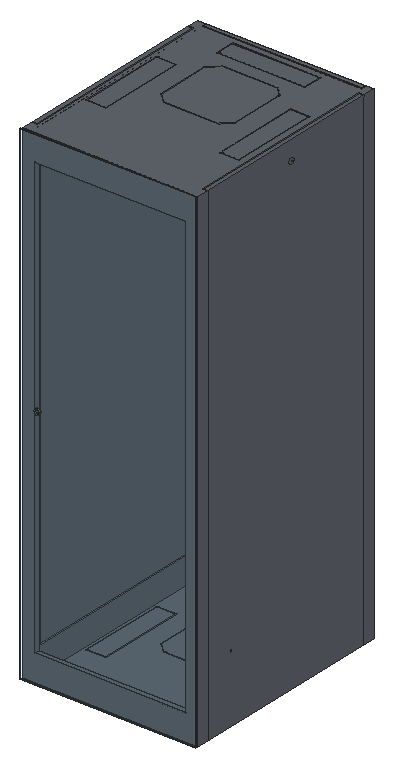
Revit family "Armario Linkeo con única puerta anchura 800", category Equipement spécialisé, Revit 2020
Family settings
  Cote de connecteur circulaire = Utiliser le diamètre
  Type d'élément = Normal
  Numéro OmniClass = 23.85.05.17.11.14
  Titre OmniClass = Multimedia Broadcasting Equipment
  Basée sur le plan de construction = Non
  Toujours verticalement = Oui
  Couper avec des vides une fois chargée = Non
  Partagée = Oui
  Point de calcul de pièce = Non
Parameters (values of type "Armario Linkeo2 47U 800x1000")
  Ubicación del rack = 93.00 mm
  Tratamiento de superficie = "Recubrimiento con polvo"
  Tipo de ventilación = "Ninguna"
  Tipo de montaje = "Frontal"
  Temperatura operativa = "-25°C à 70°C"
  Temperatura de almacenamiento = "-25°C à 70°C"
  Tamaño modular = "19 pulgadas"
  Sistema de cierre de la puerta frontal = "Un punto"
  Profundidad del modelo (mm) = 1000.00 mm
  Profundidad = 1030.00 mm
  Número de puertas = "1"
  Número de pieza Legrand = "646774"
  Numero RAL = "7016"
  Módulos de altura = 47
  Máxima capacidad de carga = "400"
  Modelo de anchura = 800.00 mm
  Modelo = "Estructura fija"
  Material de la puerta frontal = vidrio
  Material = "Acero"
  Tipo de patas niveladoras = "Patas niveladoras  800X1000"
  Tipo de perfiles verticales = "Perfiles verticales para armarios Linkeo  47U"
  Tipo de perfiles horizontales = "Perfiles horizontales para armarios Linkeo  47U profundidad 1000"
  Simbolo de la puerta = "Simbolo de la puerta  Puerta 800mm"
  Función = "Armario Linkeo2"
  Formulación BIM = "Armario Linkeo2 47U 800x1000"
  Fabricant = "Legrand"  # constant formula
  Elévation par défaut = 0.00 mm
  EAN = "3414971001657"
  E-catalogo enlace = "https://www.legrand.fr/reference/646774/pro"
  Distancia de la apertura 2 = 298.00 mm
  Distancia de la apertura 1 = 457.00 mm
  Con techo en chapa = yes
  Con puerta frontal = yes
  Con conexión a tierra = yes
  Color = gris
  Clase de protección IP = "IP20"
  Clase de protección IK = "IK08"
  Clase de aplicación = "EC002499"
  Anchura útil (mm) = 890.00 mm
  Anchura (mm) = 810.00 mm
  Altura útil (mm) = 2008.00 mm
  Altura = 2248.00 mm
  Acabado del carril de perfil = "Acodado"
Types (7, lengths in mm): name | Profundidad del modelo (mm) | Profundidad | Número de pieza Legrand | Módulos de altura | Tipo de patas niveladoras | Tipo de perfiles verticales | Tipo de perfiles horizontales | Formulación BIM | EAN | E-catalogo enlace | Distancia de la apertura 2 | Distancia de la apertura 1 | Anchura útil (mm) | Altura útil (mm) | Altura
  Armario Linkeo2 24U 800x800 | 800.00 | 830.00 | "646751" | 24 | "Patas niveladoras  800X800" | "Perfiles verticales para armarios Linkeo  24U" | "Perfiles horizontales para armarios Linkeo  24U profundidad 800" | "Armario Linkeo2 24U 800x800" | "3414971001510" | "https://www.legrand.fr/reference/646751/pro" | 198.00 | 257.00 | 690.00 | 1081.00 | 1226.00
  Armario Linkeo2 33U 800x800 | 800.00 | 830.00 | "646756" | 33 | "Patas niveladoras  800X800" | "Perfiles verticales para armarios Linkeo  33U" | "Perfiles horizontales para armarios Linkeo  33U profundidad 800" | "Armario Linkeo2 33U 800x800" | "3414971001534" | "https://www.legrand.fr/reference/646756/pro" | 198.00 | 257.00 | 690.00 | 1386.00 | 1626.00
  Armario Linkeo2 42U 800x600 | 600.00 | 630.00 | "646763" | 42 | "Patas niveladoras  800X600" | "Perfiles verticales para armarios Linkeo  42U" | "Perfiles horizontales para armarios Linkeo  42U profundidad 600" | "Armario Linkeo2 42U 800x600" | "3414971001572" | "https://www.legrand.fr/reference/646763/pro" | 98.00 | 57.00 | 490.00 | 1786.00 | 2026.00
  Armario Linkeo2 42U 800x800 | 800.00 | 830.00 | "646764" | 42 | "Patas niveladoras  800X800" | "Perfiles verticales para armarios Linkeo  42U" | "Perfiles horizontales para armarios Linkeo  42U profundidad 800" | "Armario Linkeo2 42U 800x800" | "3414971001589" | "https://www.legrand.fr/reference/646764/pro" | 198.00 | 257.00 | 690.00 | 1786.00 | 2026.00
  Armario Linkeo2 42U 800x1000 | 1000.00 | 1030.00 | "646765" | 42 | "Patas niveladoras  800X1000" | "Perfiles verticales para armarios Linkeo  42U" | "Perfiles horizontales para armarios Linkeo  42U profundidad 1000" | "Armario Linkeo2 42U 800x1000" | "3414971001596" | "https://www.legrand.fr/reference/646765/pro" | 298.00 | 457.00 | 890.00 | 1881.00 | 2026.00
  Armario Linkeo2 47U 800x800 | 800.00 | 830.00 | "646773" | 47 | "Patas niveladoras  800X800" | "Perfiles verticales para armarios Linkeo  47U" | "Perfiles horizontales para armarios Linkeo  47U profundidad 800" | "Armario Linkeo2 47U 800x800" | "3414971001640" | "https://www.legrand.fr/reference/646773/pro" | 198.00 | 257.00 | 690.00 | 2008.00 | 2248.00
  Armario Linkeo2 47U 800x1000 | 1000.00 | 1030.00 | "646774" | 47 | "Patas niveladoras  800X1000" | "Perfiles verticales para armarios Linkeo  47U" | "Perfiles horizontales para armarios Linkeo  47U profundidad 1000" | "Armario Linkeo2 47U 800x1000" | "3414971001657" | "https://www.legrand.fr/reference/646774/pro" | 298.00 | 457.00 | 890.00 | 2008.00 | 2248.00
Reference planes
  plane 1 "Centre (avant/arrière)": y = 106
  plane 2: z = 0
  plane 3: x = -100
  plane 4: x = 700
  plane 5: z = 2248
  plane 6: y = -894
  plane 7: x = -45
  plane 8: x = 645
  plane 9: x = 300
  plane 10: z = 2128
  plane 11: z = 120
  plane 12: z = 1124
  plane 13: y = -892
  plane 14: x = 300
  plane 15: y = -444.5
  plane 16: y = 455.094
  plane 17: x = 1428.928
  plane 18: z = -485.313
  plane 19: x = 2466.566
  plane 20: z = 1124
  plane 21: x = 300
  plane 22: x = 500
  plane 23: x = 100
  plane 24: x = 300
  plane 25: y = -801
  plane 26: x = 525
  plane 27: y = -799.5
  plane 28: x = 556.5
  plane 29: x = 558
  plane 30: y = -760.5
  plane 31: y = -759
  plane 32: x = 534.5
  plane 33: x = 536
  plane 34: z = 80
  plane 35: z = 89.5
  plane 36: x = 528.5
  plane 37: x = 538
  plane 38: z = 111.75
  plane 39: z = 121.25
  plane 40: y = -742.5
  plane 41: y = -752
  plane 42: z = 105.38
  plane 43: z = 95.88
  plane 44: x = 77
  plane 45: x = 67.5
  plane 46: x = 66
  plane 47: z = 125
  plane 48: z = 2213
  plane 49: z = 1124
  plane 50: y = -894
  plane 51: y = 66
  plane 52: z = 35
  plane 53: y = -601
  plane 54 "Panneaux gauche": y = -797.5
  plane 55 "Panneaux droit": y = 62.5
  plane 56 "Panneaux haut": z = 2211
  plane 57: z = 2163
  plane 58: z = 2163
  plane 59: y = -367.5
  plane 60: x = 175
  plane 61: x = 425
  plane 62: y = 54
  plane 63: y = -36
  plane 64: x = 98
  plane 65: x = 502
  plane 66: x = 131
  plane 67: y = -344.658
  plane 68: x = 469
  plane 69: y = -6.658
  plane 70: x = 133.5
  plane 71: y = -9.158
  plane 72: y = -342.158
  plane 73: x = 466.5
  plane 74: y = -50.658
  plane 75: y = -300.158
  plane 76: through (150.891, -321.084, 1200) normal (-0.7071, -0.7071, 0)
  plane 77: through (440.304, -329.89, 1200) normal (-0.7071, 0.7071, 0)
  plane 78: through (446.349, -26.971, 1200) normal (-0.7071, -0.7071, 0)
  plane 79: through (445.75, -29.908, 1200) normal (-0.7071, -0.7071, 0)
  plane 80: through (150.227, -316.885, 1200) normal (-0.7071, -0.7071, 0)
  plane 81: through (445.5, -321.158, 1200) normal (-0.7071, 0.7071, 0)
  plane 82: x = 100.5
  plane 83: y = 91.5
  plane 84: y = 7.5
  plane 85: x = 499.5
  plane 86: x = 131
  plane 87: y = -437
  plane 88: x = 469
  plane 89: y = -99
  plane 90: x = 133.5
  plane 91: y = -101.5
  plane 92: y = -434.5
  plane 93: x = 466.5
  plane 94: y = -143
  plane 95: y = -392.5
  plane 96: through (150.891, -413.426, 577) normal (-0.7071, -0.7071, 0)
  plane 97: through (440.304, -422.232, 577) normal (-0.7071, 0.7071, 0)
  plane 98: through (446.349, -119.313, 577) normal (-0.7071, -0.7071, 0)
  plane 99: through (445.75, -122.25, 577) normal (-0.7071, -0.7071, 0)
  plane 100: through (150.227, -409.227, 577) normal (-0.7071, -0.7071, 0)
  plane 101: through (445.5, -413.5, 577) normal (-0.7071, 0.7071, 0)
  plane 102: x = -49
  plane 103: x = 41
  plane 104: y = -192
  plane 105: y = -596
  plane 106: y = -194.5
  plane 107: x = -46.5
  plane 108: x = 559
  plane 109: x = 649
  plane 110: through (113.028, -163.472, 1200) normal (-0.7071, 0.7071, 0)
  plane 111: through (194.144, -78.82, 1200) normal (0.7071, -0.7071, 0)
  plane 112: through (113.028, -71.13, 1823) normal (-0.7071, 0.7071, 0)
  plane 113: through (194.144, 13.522, 1823) normal (0.7071, -0.7071, 0)
  plane 114: x = 175.5
  plane 115: through (175.5, -434.5, 1200) normal (-0.7071, -0.7071, 0)
  plane 116: x = 424.5
  plane 117: through (424.5, -434.5, 1200) normal (-0.7071, 0.7071, 0)
  plane 118: through (133.5, -143, 1200) normal (-0.7071, 0.7071, 0)
  plane 119: through (425, -101.5, 1200) normal (0.7071, 0.7071, 0)
  plane 120: x = 175.5
  plane 121: through (175.5, -342.158, 1823) normal (-0.7071, -0.7071, 0)
  plane 122: x = 424.5
  plane 123: through (424.5, -342.158, 1823) normal (-0.7071, 0.7071, 0)
  plane 124: through (133.5, -50.658, 1823) normal (-0.7071, 0.7071, 0)
  plane 125: through (425, -9.158, 1823) normal (0.7071, 0.7071, 0)
  plane 126: y = -801
  plane 127: z = 124.45
  plane 128: x = 42
  plane 129: y = -593.5
  plane 130: x = 100.5
  plane 131: x = 100.5
  plane 132: x = 100.5
  plane 133: x = 561.5
  plane 134: z = 2180
  plane 135: y = -394
  plane 136: y = 84.5
  plane 137: y = -872.5
  plane 138: x = 41
  plane 139: x = 559
  plane 140: x = 300
  plane 141: z = 4781
  plane 142: z = 2180
  plane 143: y = -694
  plane 144: z = 72
  plane 145: z = 2176
  plane 146: y = 82.5
  plane 147: y = -870.5
  plane 148: x = 38.5
  plane 149: x = 646.5
  plane 150: x = 678.5
  plane 151: x = -78.5
  plane 152: z = 2128
  plane 153: z = 120
  plane 154: z = 1124
  plane 155: y = -394
  plane 156: y = 51
  plane 157: y = -839
  plane 158: x = -63.5
  plane 159: x = 663.5
  plane 160: y = 84.5
  plane 161: y = -294
  plane 162: y = -909
  plane 163: y = -904
  plane 164: y = -394
Forms (mm)
  Extrusion 1, solid, material "gris" <- "Color"
    sketch origin (-100, 0, 0) x (0, 1, 0) y (0, 0, 1)
      loop
        line (-894, 0) -> (106, 0) -> (106, 2248) -> (-894, 2248) -> (-894, 0)
    from 0 to 800
  Extrusion 2, void
    sketch origin (-250, 82.5, 1200) x (1, 0, 0) y (0, 0, 1)
      loop
        line (185, 1046) -> (185, -1198) -> (915, -1198) -> (915, 1046) -> (185, 1046)
    from 0 to 953
  Extrusion 3, void
    sketch origin (0, 106, 0) x (1, 0, 0) y (0, 0, 1)
      loop
        line (-45, 2128) -> (-45, 120) -> (645, 120) -> (645, 2128) -> (-45, 2128)
    from 0 to 1000
  Extrusion 4, solid, material "gris"
    sketch origin (-658.117, -909, 652.471) x (1, 0, 0) y (0, 0, 1)
      loop
        circle (638.746, 471.529) r 12
    from 0 to 5
  Extrusion 5, void
    sketch origin (-657.497, -914, 652.306) x (-1, 0, 0) y (0, 0, 1)
      loop
        line (-631.856, 476.03) -> (-633.789, 477.963) -> (-644.395, 467.357) -> (-642.463, 465.424) -> (-631.856, 476.03)
    from 0 to 2
  Extrusion 6, solid, material "gris", not visible
    sketch origin (50.552, -709, -159.029) x (1, 0, 0) y (0, 0, 1)
      loop
        circle (638.746, 471.529) r 12
    from 0 to 5
  Extrusion 7, void, not visible
    sketch origin (51.172, -714, -159.194) x (-1, 0, 0) y (0, 0, 1)
      loop
        line (-631.856, 476.03) -> (-633.789, 477.963) -> (-644.395, 467.357) -> (-642.463, 465.424) -> (-631.856, 476.03)
    from 0 to 2
  Extrusion 8, solid, material "gris" <- "Color", not visible
    sketch origin (-100, 47, -855.959) x (0, -1, 0) y (0, 0, 1)
      loop
        circle (154, 1149) r 12
    from 0 to 4
  Extrusion 9, void, not visible
    sketch origin (-104, 531.38, -177.686) x (0, 1, 0) y (0, 0, 1)
      loop
        line (-631.856, 476.03) -> (-633.789, 477.963) -> (-644.395, 467.357) -> (-642.463, 465.424) -> (-631.856, 476.03)
    from 0 to 2
  Extrusion 10, solid, material "gris" <- "Color"
    sketch origin (-100, -213.5, 1014) x (0, -1, 0) y (0, 0, 1)
      loop
        circle (154, 1149) r 12
    from 0 to 4
  Extrusion 11, void
    sketch origin (-104, 270.88, 1692.273) x (0, 1, 0) y (0, 0, 1)
      loop
        line (-631.856, 476.03) -> (-633.789, 477.963) -> (-644.395, 467.357) -> (-642.463, 465.424) -> (-631.856, 476.03)
    from 0 to 2
  Extrusion 12, solid, material "gris" <- "Color", not visible
    sketch origin (621, -865.746, -189.529) x (0, 1, 0) y (0, 0, 1)
      loop
        circle (638.746, 471.529) r 12
    from 0 to 4
  Extrusion 13, void, not visible
    sketch origin (625, -865.126, -189.694) x (0, -1, 0) y (0, 0, 1)
      loop
        line (-631.856, 476.03) -> (-633.789, 477.963) -> (-644.395, 467.357) -> (-642.463, 465.424) -> (-631.856, 476.03)
    from 0 to 2
  Extrusion 14, void
    sketch origin (0, -23, 0) x (1, 0, 0) y (0, 1, 0)
      loop
        line (131, -118.964) -> (131, -370.536) -> (174.464, -414) -> (425.536, -414) -> (469, -370.536) -> (469, -118.964) -> (426.036, -76) -> (173.964, -76) -> (131, -118.964)
    from 2248 to 0
  Extrusion 15, void
    sketch origin (-100, -894, 0) x (0, -1, 0) y (1, 0, 0)
      loop
        line (-858, 198) -> (-858, 602) -> (-948, 602) -> (-948, 198) -> (-858, 198)
    from 0 to 2248
  Extrusion 16, solid, material "gris" <- "Color"
    sketch origin (698, 106, 2248) x (-1, 0, 0) y (0, -1, 0)
      loop
        line (597.5, 56) -> (597.5, 138.5) -> (198.5, 138.5) -> (198.5, 56) -> (597.5, 56)
    from 0 to -2
  Extrusion 17, solid, material "gris" <- "Color", not visible
    sketch origin (698, 146, 625) x (-1, 0, 0) y (0, -1, 0)
      loop
        line (597.5, 56) -> (597.5, 138.5) -> (198.5, 138.5) -> (198.5, 56) -> (597.5, 56)
    from 0 to -2
  Extrusion 18, solid, material "gris" <- "Color"
    sketch origin (698, 106, 2) x (-1, 0, 0) y (0, -1, 0)
      loop
        line (597.5, 56) -> (597.5, 138.5) -> (198.5, 138.5) -> (198.5, 56) -> (597.5, 56)
    from 0 to -2
  Extrusion 19, void
    sketch origin (0, 0, 0) x (0, 1, 0) y (1, 0, 0)
      loop
        line (-192, -49) -> (-192, 41) -> (-596, 41) -> (-596, -49) -> (-192, -49)
      loop
        line (-192, 559) -> (-192, 649) -> (-596, 649) -> (-596, 559) -> (-192, 559)
    from 0 to -2248
  Extrusion 20, solid, material "gris" <- "Color"
    sketch origin (-100, -454, 0) x (1, 0, 0) y (0, -1, 0)
      loop
        line (233.5, -311) -> (275, -352.5) -> (525, -352.5) -> (566.5, -311) -> (566.5, -61.5) -> (524.5, -19.5) -> (275.5, -19.5) -> (233.5, -61.5) -> (233.5, -311)
    from 0 to -2
  Extrusion 21, solid, material "gris" <- "Color"
    sketch origin (-100, 106, 2248) x (0, -1, 0) y (1, 0, 0)
      loop
        line (207.5, 275) -> (249, 233.5) -> (498.5, 233.5) -> (540.5, 275.5) -> (540.5, 524.5) -> (498.5, 566.5) -> (249, 566.5) -> (207.5, 525) -> (207.5, 275)
    from -2 to 0
  Extrusion 22, void
    sketch origin (0, 106, 0) x (1, 0, 0) y (0, 0, 1)
      loop
        line (649, 2176) -> (-49, 2176) -> (-49, 72) -> (649, 72) -> (649, 2176)
    from 2 to 0
  Extrusion 23, solid, material "gris" <- "Color"
    sketch origin (938.746, 106, 1689.471) x (-1, 0, 0) y (0, 0, 1)
      loop
        circle (638.746, 471.529) r 12
    from 0 to 4
  Extrusion 24, void
    sketch origin (938.126, 110, 1689.306) x (1, 0, 0) y (0, 0, 1)
      loop
        line (-631.856, 476.03) -> (-633.789, 477.963) -> (-644.395, 467.357) -> (-642.463, 465.424) -> (-631.856, 476.03)
    from 0 to 2
  Extrusion 25, solid, material "gris" <- "Color"
    sketch origin (-100, 106, 2248) x (0, -1, 0) y (1, 0, 0)
      loop
        line (699.5, 746.5) -> (300.5, 746.5) -> (300.5, 661.5) -> (699.5, 661.5) -> (699.5, 746.5)
    from 0 to -2
  Extrusion 26, solid, material "gris" <- "Color"
    sketch origin (-100, -894, 0) x (1, 0, 0) y (0, -1, 0)
      loop
        line (53.5, -699.5) -> (138.5, -699.5) -> (138.5, -300.5) -> (53.5, -300.5) -> (53.5, -699.5)
    from 0 to -2
  Extrusion 27, solid, material "gris" <- "Color"
    sketch origin (-100, -894, 0) x (1, 0, 0) y (0, -1, 0)
      loop
        line (746.5, -699.5) -> (746.5, -300.5) -> (661.5, -300.5) -> (661.5, -699.5) -> (746.5, -699.5)
    from 0 to -2
  Extrusion 28, solid, material "gris" <- "Color"
    sketch origin (700, -521.5, 1014) x (0, 1, 0) y (0, 0, 1)
      loop
        circle (154, 1149) r 12
    from 0 to 4
  Extrusion 29, void
    sketch origin (704, -1005.88, 1692.273) x (0, -1, 0) y (0, 0, 1)
      loop
        line (-631.856, 476.03) -> (-633.789, 477.963) -> (-644.395, 467.357) -> (-642.463, 465.424) -> (-631.856, 476.03)
    from 0 to 2
  Extrusion 30, void
    sketch origin (-100, 0, 0) x (0, 1, 0) y (0, 0, 1)
      loop
        line (51, 2248) -> (-839, 2248) -> (-839, 0) -> (51, 0) -> (51, 2248)
    from 0 to 21.5
  Extrusion 31, solid, material "gris" <- "Color"
    sketch origin (-100, 0, 0) x (0, 1, 0) y (0, 0, 1)
      loop
        line (51, 2248) -> (-839, 2248) -> (-839, 0) -> (51, 0) -> (51, 2248)
    from 0 to 21.5
  Extrusion 32, solid, material "gris" <- "Color"
    sketch origin (700, 0, 0) x (0, 1, 0) y (0, 0, 1)
      loop
        line (-839, 2248) -> (-839, 0) -> (51, 0) -> (51, 2248) -> (-839, 2248)
    from 0 to -21.5
  Extrusion 33, solid, material "gris" <- "Color"
    sketch origin (0, 106, 0) x (1, 0, 0) y (0, 0, 1)
      loop
        line (663.5, 2248) -> (-63.5, 2248) -> (-63.5, 0) -> (663.5, 0) -> (663.5, 2248)
    from 0 to 21.5
  Extrusion 34, solid, material "gris" <- "Color"
    sketch origin (-100, 106, 2248) x (0, -1, 0) y (1, 0, 0)
      loop
        line (300.5, 53.5) -> (699.5, 53.5) -> (699.5, 138.5) -> (300.5, 138.5) -> (300.5, 53.5)
    from 0 to -2
  Extrusion 35, void
    sketch origin (700, 0, 0) x (0, -1, 0) y (0, 0, 1)
      loop
        line (839, 2248) -> (-51, 2248) -> (-51, 0) -> (839, 0) -> (839, 2248)
    from 0 to 21.5
  Extrusion 36, void
    sketch origin (-100, 0, 0) x (0, 1, 0) y (0, 0, 1)
      loop
        line (51, 2128) -> (-839, 2128) -> (-839, 120) -> (51, 120) -> (51, 2128)
    from 0 to 800
  Extrusion 37, void
    sketch origin (-100, 106, 2248) x (1, 0, 0) y (0, -1, 0)
      loop
        line (36.5, 21.5) -> (36.5, 0) -> (763.5, 0) -> (763.5, 21.5) -> (36.5, 21.5)
    from 0 to 2248
  Extrusion 38, solid, material "vidrio" <- "Material de la puerta frontal"
    sketch origin (-100, 106, 2248) x (0, -1, 0) y (1, 0, 0)
      loop
        line (1015, 0) -> (1015, 800) -> (1010, 800) -> (1010, 0) -> (1015, 0)
    from -2248 to 4
Cuts and joins
  Extrusion 2, Extrusion 3, Extrusion 14, Extrusion 15, Extrusion 19, Extrusion 22, Extrusion 30, Extrusion 35, Extrusion 36, Extrusion 37 cuts Extrusion 1
  Extrusion 5 cuts Extrusion 4
  Extrusion 11, Extrusion 36 cuts Extrusion 10
  Extrusion 24 cuts Extrusion 23
  Extrusion 29, Extrusion 35 cuts Extrusion 28
Lines and regions (mm)
  model lines, not visible
    curve 1: line (488, 106, 1124) -> (512, 106, 1124)
    curve 2: line (-104, -119, 293.041) -> (-104, -107, 293.041)
    curve 3: line (-104, -379.5, 2163) -> (-104, -367.5, 2163)
    curve 4: line (661, -215, 282) -> (661, -227, 282)
    curve 5: line (-139, -227, 282) -> (-139, -227, 270)
    curve 6: line (-100, -354, 1889) -> (-100, -354, 1877)
    curve 7: line (-100, -93.5, 19.041) -> (-100, -93.5, 7.041)
    curve 8: line (288, 146, 2161) -> (300, 146, 2161)
    curve 9: line (300, -654, 2161) -> (300, -654, 2149)
    curve 10: line (704, -355.5, 2163) -> (704, -367.5, 2163)
    curve 11: line (700, -381, 1889) -> (700, -381, 1877)
    curve 12: line (700, -381, 1889) -> (700, -371, 1889)
    curve 13: line (-100, -93.5, 19.041) -> (-100, -103.5, 19.041)
    curve 14: line (-100, -354, 1889) -> (-100, -364, 1889)
    curve 15: line (700, -654, 2149) -> (700, -639, 2149)
    curve 16: line (-139, -627, 270) -> (-124, -627, 270)
Dimensions and locks
  "Modelo de anchura": plane 4 to plane 3
  "Altura": plane 5 to level
  "Profundidad del modelo (mm)": plane 6 to plane 1 "Centre (avant/arrière)"
  locked: plane 7 to plane 8 at 690
  equal spacing: plane 7, plane 9, plane 8
  equal spacing: plane 4, plane 9, plane 3
  equal spacing: plane 5, plane 12, level
  equal spacing: plane 10, plane 12, plane 11
  "Altura útil (mm)": plane 10 to plane 11
  Extrusion 2 sketch curve to plane 3 = 35.00 mm
  Extrusion 2 sketch curve to plane 4 = 35.00 mm
  locked: Extrusion 2 sketch curve to level at 2
  locked: plane 5 to Extrusion 2 sketch curve at 2
  locked: plane 6 to plane 13 at 2
  cut or joined group 1 (Extrusion 1, Extrusion 2, Extrusion 3, Extrusion 14, Extrusion 15, Extrusion 19, Extrusion 22, Extrusion 30, Extrusion 35, Extrusion 36, Extrusion 37) to plane 1 "Centre (avant/arrière)" = 23.50 mm
  equal spacing: plane 3, plane 14, plane 4
  equal spacing: plane 23, plane 24, plane 22
  "Ubicación del rack": plane 25 to plane 6
  locked: plane 27 to plane 25 at 1.5
  locked: plane 28 to plane 29 at 1.5
  locked: plane 30 to plane 31 at 1.5
  locked: plane 32 to plane 33 at 1.5
  plane 29 to cut or joined group 1 = 107.00 mm
  locked: plane 26 to plane 28 at 31.5
  locked: plane 31 to plane 25 at 42
  locked: plane 32 to plane 29 at 23.5
  locked: plane 34 to level at 80
  locked: plane 35 to plane 34 at 9.5
  locked: plane 36 to plane 37 at 9.5
  locked: plane 26 to plane 36 at 3.5
  locked: plane 39 to plane 38 at 9.5
  locked: plane 38 to plane 34 at 31.75
  plane 41 to plane 40 = 9.50 mm
  locked: plane 42 to plane 43 at 9.5
  plane 43 to plane 35 = 6.38 mm
  locked: plane 45 to plane 46 at 1.5
  locked: plane 47 to plane 11 at 5
  plane 5 to plane 48 to plane 10 = 35.00 mm, 85.00 mm
  locked: plane 51 to plane 1 "Centre (avant/arrière)" at 40
  locked: plane 52 to level at 35
  locked: plane 48 to plane 5 at 35
  locked: plane 25 to plane 54 "Panneaux gauche" at 3.5
  locked: plane 55 "Panneaux droit" to plane 51 at 3.5
  locked: plane 56 "Panneaux haut" to plane 48 at 2
  plane 57 to plane 5 = 85.00 mm
  locked: plane 5 to plane 58 at 85
  plane 54 "Panneaux gauche" to plane 55 "Panneaux droit" = 860.00 mm
  equal spacing: plane 54 "Panneaux gauche", plane 59, plane 55 "Panneaux droit"
  locked: plane 64 to plane 65 at 404
  "Distancia de la apertura 2": plane 1 "Centre (avant/arrière)" to plane 104
  locked: plane 104 to plane 105 at 404
  locked: plane 102 to plane 103 at 90
  locked: plane 104 to plane 106 at 2.5
  locked: plane 102 to plane 107 at 2.5
  locked: plane 3 to plane 102 at 51
  locked: plane 108 to plane 109 at 90
  plane 109 to plane 4 = 51.00 mm
  "Distancia de la apertura 1": plane 50 to plane 87
  locked: plane 127 to plane 34 at 44.45
  equal spacing: plane 128, plane 24, plane 29
  locked: plane 128 to plane 29 at 516
  plane 1 "Centre (avant/arrière)" to plane 62 = 52.00 mm
  cut or joined group 1 to plane 63 = 90.00 mm
  plane 129 to plane 105 = 2.50 mm
  plane 5 to plane 134 = 68.00 mm
  equal spacing: plane 136, plane 135, plane 137
  equal spacing: plane 1 "Centre (avant/arrière)", plane 135, plane 6
  equal spacing: plane 138, plane 140, plane 139, locked at 259 each
  plane 141 to plane 20 = 3657.00 mm
  equal spacing: Extrusion 30 sketch curve, plane 135, Extrusion 30 sketch curve
  "Anchura útil (mm)": Extrusion 30 sketch curve to Extrusion 30 sketch curve
  locked: plane 144 to level at 72
  plane 5 to plane 145 = 72.00 mm
  locked: plane 1 "Centre (avant/arrière)" to plane 146 at 23.5
  locked: plane 50 to plane 147 at 23.5
  locked: plane 148 to plane 103 at 2.5
  locked: plane 149 to plane 109 at 2.5
  locked: plane 150 to plane 4 at 21.5
  locked: plane 3 to plane 151 at 21.5
  equal spacing: plane 152, plane 154, plane 153
  "Altura útil (mm)": plane 152 to plane 153
  equal spacing: plane 156, plane 155, plane 157
  "Anchura útil (mm)": plane 156 to plane 157
  locked: plane 3 to plane 158 at 36.5
  locked: plane 159 to plane 4 at 36.5
  locked: plane 1 "Centre (avant/arrière)" to plane 160 at 21.5
  equal spacing: plane 1 "Centre (avant/arrière)", plane 161, plane 143
  locked: plane 163 to plane 162 at 5
  locked: plane 163 to plane 50 at 10
  cut or joined group of Extrusion 4, Extrusion 5 to Extrusion 38 = 5.00 mm
  equal spacing: plane 50, plane 164, plane 1 "Centre (avant/arrière)"
  locked: curve 11 to curve 6 at 27
  locked: curve 12 to curve 14
  locked: curve 15 to plane 5 at 99
  aligned and locked: level to plane 2
  aligned and locked: Extrusion 1 sketch curve to level
  aligned and locked: Extrusion 1 sketch curve to plane 6
  aligned and locked: plane 5 to Extrusion 1 sketch curve
  aligned and locked: Extrusion 1 sketch curve to plane 1 "Centre (avant/arrière)"
  aligned and locked: Extrusion 1 to plane 4
  aligned and locked: Extrusion 1 to plane 3
  aligned and locked: Extrusion 3 sketch curve to plane 10
  aligned and locked: Extrusion 3 sketch curve to plane 7
  aligned and locked: plane 11 to Extrusion 3 sketch curve
  aligned and locked: Extrusion 3 sketch curve to plane 8
  aligned and locked: Extrusion 1 to Extrusion 3  (x2)
  aligned and locked: plane 24 to plane 9
  aligned and locked: plane 20 to plane 12
  aligned and locked: plane 49 to Extrusion 4
  aligned and locked: plane 49 to plane 20
  aligned and locked: plane 6 to plane 50
  aligned and locked: plane 57 to curve 3
  aligned and locked: plane 59 to curve 3
  aligned and locked: Extrusion 15 sketch curve to plane 64
  aligned and locked: plane 65 to Extrusion 15 sketch curve
  aligned and locked: Extrusion 16 to cut or joined group 1
  aligned and locked: Extrusion 1 to Extrusion 15
  aligned and locked: plane 104 to Extrusion 19 sketch curve  (x2)
  aligned and locked: Extrusion 19 sketch curve to plane 102
  aligned and locked: Extrusion 19 sketch curve to plane 105  (x2)
  aligned and locked: plane 103 to Extrusion 19 sketch curve
  aligned and locked: plane 5 to Extrusion 19
  aligned and locked: Extrusion 14 sketch curve to plane 86
  aligned and locked: Extrusion 14 sketch curve to plane 111
  aligned and locked: Extrusion 14 sketch curve to plane 89
  aligned and locked: Extrusion 14 sketch curve to plane 98
  aligned and locked: Extrusion 14 sketch curve to plane 88
  aligned and locked: Extrusion 14 sketch curve to plane 97
  aligned and locked: Extrusion 14 sketch curve to plane 87
  aligned and locked: Extrusion 14 sketch curve to plane 96
  aligned and locked: Extrusion 20 sketch curve to plane 110
  aligned and locked: Extrusion 20 sketch curve to plane 91
  aligned and locked: Extrusion 20 sketch curve to plane 99
  aligned and locked: Extrusion 20 sketch curve to plane 93
  aligned and locked: Extrusion 20 sketch curve to plane 101
  aligned and locked: Extrusion 20 sketch curve to plane 92
  aligned and locked: Extrusion 20 sketch curve to plane 100
  aligned and locked: Extrusion 20 sketch curve to plane 90
  aligned and locked: Extrusion 21 sketch curve to Extrusion 20  (x8)
  aligned and locked: Extrusion 21 to cut or joined group 1
  aligned and locked: plane 5 to Extrusion 21
  aligned and locked: Extrusion 20 to level
  aligned and locked: plane 109 to Extrusion 22 sketch curve
  aligned and locked: plane 102 to Extrusion 22 sketch curve
  aligned and locked: Extrusion 22 to Extrusion 1
  aligned and locked: plane 126 to plane 25
  aligned and locked: Extrusion 19 sketch curve to plane 108
  aligned and locked: plane 109 to Extrusion 19 sketch curve
  aligned and locked: Extrusion 15 sketch curve to plane 62
  aligned and locked: Extrusion 15 sketch curve to plane 63
  aligned and locked: Extrusion 16 to plane 130
  aligned and locked: Extrusion 17 to plane 131
  aligned and locked: Extrusion 18 to plane 132
  aligned and locked: Extrusion 1 to Extrusion 14
  aligned and locked: Extrusion 25 sketch curve to plane 106
  aligned and locked: Extrusion 25 sketch curve to plane 133
  aligned and locked: Extrusion 25 sketch curve to plane 129
  aligned and locked: Extrusion 25 to cut or joined group 1
  aligned and locked: plane 5 to Extrusion 25
  aligned and locked: Extrusion 26 to cut or joined group 1
  aligned and locked: Extrusion 27 sketch curve to Extrusion 25  (x2)
  aligned and locked: Extrusion 25 to Extrusion 27 sketch curve
  aligned and locked: Extrusion 27 to cut or joined group 1
  aligned and locked: plane 140 to plane 14
  aligned and locked: plane 142 to plane 134
  aligned and locked: plane 145 to Extrusion 22 sketch curve
  aligned and locked: Extrusion 22 sketch curve to plane 144
  aligned and locked: cut or joined group 1 to Extrusion 31 sketch curve
  aligned and locked: Extrusion 31 sketch curve to cut or joined group 1
  aligned and locked: Extrusion 32 sketch curve to cut or joined group 1  (x4)
  aligned and locked: plane 146 to Extrusion 2
  aligned and locked: Extrusion 2 to plane 147
  aligned and locked: Extrusion 26 sketch curve to plane 106
  aligned and locked: Extrusion 26 sketch curve to plane 107
  aligned and locked: Extrusion 34 sketch curve to Extrusion 26  (x2)
  aligned and locked: plane 129 to Extrusion 26 sketch curve
  aligned and locked: plane 129 to Extrusion 34 sketch curve
  aligned and locked: Extrusion 34 to cut or joined group 1
  aligned and locked: plane 148 to Extrusion 34 sketch curve
  aligned and locked: plane 148 to Extrusion 26 sketch curve
  aligned and locked: Extrusion 27 sketch curve to plane 149
  aligned and locked: Extrusion 25 sketch curve to plane 149
  aligned and locked: Extrusion 32 to plane 150
  aligned and locked: Extrusion 31 to plane 151
  aligned and locked: plane 5 to Extrusion 30 sketch curve
  aligned and locked: Extrusion 30 sketch curve to level
  aligned and locked: Extrusion 30 to Extrusion 31
  aligned and locked: Extrusion 35 sketch curve to Extrusion 32  (x2)
  aligned and locked: Extrusion 35 sketch curve to cut or joined group 1  (x2)
  aligned and locked: Extrusion 35 to Extrusion 32
  aligned and locked: plane 5 to Extrusion 31 sketch curve
  aligned and locked: Extrusion 31 sketch curve to level
  aligned and locked: plane 12 to plane 154
  aligned and locked: Extrusion 36 sketch curve to plane 11
  aligned and locked: Extrusion 36 sketch curve to plane 157
  aligned and locked: plane 156 to Extrusion 36 sketch curve
  aligned and locked: plane 10 to Extrusion 36 sketch curve
  aligned and locked: Extrusion 36 to plane 4
  aligned and locked: plane 160 to Extrusion 37 sketch curve
  aligned and locked: plane 158 to Extrusion 37 sketch curve
  aligned and locked: plane 1 "Centre (avant/arrière)" to Extrusion 37 sketch curve
  aligned and locked: Extrusion 37 sketch curve to plane 159
  aligned and locked: Extrusion 1 to Extrusion 37
  aligned and locked: plane 5 to Extrusion 33 sketch curve
  aligned and locked: Extrusion 33 sketch curve to level
  aligned and locked: Extrusion 33 sketch curve to cut or joined group 1  (x2)
  aligned and locked: Extrusion 33 to cut or joined group 1
  aligned and locked: plane 135 to plane 155
  aligned and locked: Extrusion 38 sketch curve to plane 162
  aligned and locked: Extrusion 38 sketch curve to plane 3
  aligned and locked: Extrusion 38 sketch curve to plane 163
  aligned and locked: Extrusion 38 sketch curve to plane 4
  aligned and locked: cut or joined group 1 to Extrusion 38
  aligned and locked: Extrusion 4 to Extrusion 38
  aligned and locked: curve 12 to curve 11
  aligned and locked: curve 13 to curve 7
  aligned and locked: curve 14 to curve 6
Automatic sketch dimensions
  Extrusion 5 sketch curve to Extrusion 5 sketch curve = 1.933 mm  (x2)
  Extrusion 5 sketch curve to Extrusion 5 sketch curve = 10.607 mm
  Extrusion 7 sketch curve to Extrusion 7 sketch curve = 1.933 mm  (x2)
  Extrusion 7 sketch curve to Extrusion 7 sketch curve = 10.607 mm
  Extrusion 9 sketch curve to Extrusion 9 sketch curve = 1.933 mm  (x2)
  Extrusion 9 sketch curve to Extrusion 9 sketch curve = 10.607 mm
  Extrusion 11 sketch curve to Extrusion 11 sketch curve = 1.933 mm  (x2)
  Extrusion 11 sketch curve to Extrusion 11 sketch curve = 10.607 mm
  Extrusion 13 sketch curve to Extrusion 13 sketch curve = 1.933 mm  (x2)
  Extrusion 13 sketch curve to Extrusion 13 sketch curve = 10.607 mm
  curve 5 to curve 5 = 12.00 mm
  curve 6 to curve 6 = 12.00 mm
  curve 7 to curve 7 = 12.00 mm
  Extrusion 24 sketch curve to Extrusion 24 sketch curve = 1.933 mm  (x2)
  Extrusion 24 sketch curve to Extrusion 24 sketch curve = 10.607 mm
  curve 9 to curve 9 = 12.00 mm
  curve 1 to plane 12 = 0.00 mm
  curve 1 to plane 85 = 11.50 mm
  plane 65 to curve 1 = 10.00 mm
  Extrusion 18 sketch curve to Extrusion 18 sketch curve = 399.00 mm
  Extrusion 18 sketch curve to Extrusion 18 sketch curve = 82.50 mm
  Extrusion 16 sketch curve to Extrusion 16 sketch curve = 399.00 mm
  Extrusion 16 sketch curve to Extrusion 16 sketch curve = 82.50 mm
  Extrusion 17 sketch curve to Extrusion 17 sketch curve = 399.00 mm
  Extrusion 17 sketch curve to Extrusion 17 sketch curve = 82.50 mm
  Extrusion 29 sketch curve to Extrusion 29 sketch curve = 1.933 mm  (x2)
  Extrusion 29 sketch curve to Extrusion 29 sketch curve = 10.607 mm
  curve 11 to curve 11 = 12.00 mm
  curve 10 to curve 10 = 12.00 mm
  curve 2 to curve 2 = 12.00 mm
  curve 3 to curve 3 = 12.00 mm
  curve 12 to curve 12 = 10.00 mm
  curve 13 to curve 13 = 10.00 mm
  curve 14 to curve 14 = 10.00 mm
  curve 15 to curve 15 = 15.00 mm
  curve 16 to curve 16 = 15.00 mm
  radius of Extrusion 4 sketch curve = 12.00 mm
  radius of Extrusion 6 sketch curve = 12.00 mm
  radius of Extrusion 12 sketch curve = 12.00 mm
  radius of Extrusion 10 sketch curve = 12.00 mm
  radius of Extrusion 8 sketch curve = 12.00 mm
  radius of Extrusion 23 sketch curve = 12.00 mm
  radius of Extrusion 28 sketch curve = 12.00 mm
